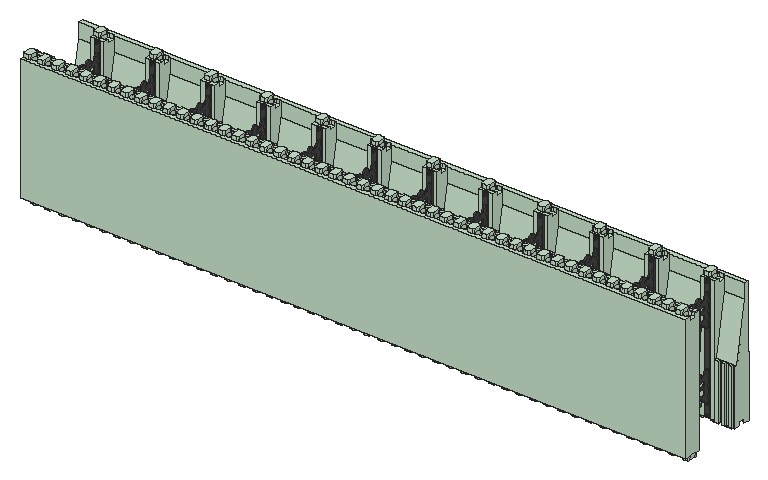
Revit family (continued)
Forms (in)
  Extrusion 106, void
    sketch origin (90, 0, 0) x (-1, 0, 0) y (0, -1, 0)
      loop
        arc (1.91675, 3.76455) -> (1.92106, 3.78736) -> (1.9334, 3.80702) r 0.0625
        arc (1.9334, 3.80702) -> (1.98276, 3.88568) -> (2, 3.97692) r 0.25
        line (2, 3.97692) -> (2, 4.89808)
        arc (2, 4.89808) -> (1.95215, 5.04517) -> (1.82692, 5.13595) r 0.25
        arc (1.82692, 5.13595) -> (1.5, 5.1875) -> (1.17308, 5.13595) r 1.0625
        arc (1.17308, 5.13595) -> (1.04785, 5.04517) -> (1, 4.89808) r 0.25
    from 0 to 0.5
  Extrusion 107, void
    sketch origin (92, 0, 0) x (-1, 0, 0) y (0, -1, 0)
      loop
        line (1, 4.89808) -> (1, 3.97692)
        arc (1, 3.97692) -> (1.04785, 3.82983) -> (1.17308, 3.73905) r 0.25
        arc (1.17308, 3.73905) -> (1.42092, 3.69045) -> (1.67323, 3.70172) r 1.0625
        arc (1.67323, 3.70172) -> (1.72385, 3.68771) -> (1.74592, 3.64005) r 0.0625
        line (1.74592, 3.64005) -> (1.74592, 3.41845) -> (1.91675, 3.41845) -> (1.91675, 3.76455)
        arc (1.91675, 3.76455) -> (1.92106, 3.78736) -> (1.9334, 3.80702) r 0.0625
        arc (1.9334, 3.80702) -> (1.98276, 3.88568) -> (2, 3.97692) r 0.25
        line (2, 3.97692) -> (2, 4.89808)
        arc (2, 4.89808) -> (1.95215, 5.04517) -> (1.82692, 5.13595) r 0.25
        arc (1.82692, 5.13595) -> (1.5, 5.1875) -> (1.17308, 5.13595) r 1.0625
        arc (1.17308, 5.13595) -> (1.04785, 5.04517) -> (1, 4.89808) r 0.25
    from 0 to 0.5
  Extrusion 108, void
    sketch origin (94, 0, 0) x (-1, 0, 0) y (0, -1, 0)
      loop
        line (1, 4.89808) -> (1, 3.97692)
        arc (1, 3.97692) -> (1.04785, 3.82983) -> (1.17308, 3.73905) r 0.25
        arc (1.17308, 3.73905) -> (1.42092, 3.69045) -> (1.67323, 3.70172) r 1.0625
        arc (1.67323, 3.70172) -> (1.72385, 3.68771) -> (1.74592, 3.64005) r 0.0625
        line (1.74592, 3.64005) -> (1.74592, 3.41845) -> (1.91675, 3.41845) -> (1.91675, 3.76455)
        arc (1.91675, 3.76455) -> (1.92106, 3.78736) -> (1.9334, 3.80702) r 0.0625
        arc (1.9334, 3.80702) -> (1.98276, 3.88568) -> (2, 3.97692) r 0.25
        line (2, 3.97692) -> (2, 4.89808)
        arc (2, 4.89808) -> (1.95215, 5.04517) -> (1.82692, 5.13595) r 0.25
        arc (1.82692, 5.13595) -> (1.5, 5.1875) -> (1.17308, 5.13595) r 1.0625
        arc (1.17308, 5.13595) -> (1.04785, 5.04517) -> (1, 4.89808) r 0.25
    from 0 to 0.5
  Extrusion 109, void
    sketch origin (96, 0, 0) x (-1, 0, 0) y (0, -1, 0)
      loop
        line (1, 4.89808) -> (1, 3.97692)
        arc (1, 3.97692) -> (1.04785, 3.82983) -> (1.17308, 3.73905) r 0.25
        arc (1.17308, 3.73905) -> (1.42092, 3.69045) -> (1.67323, 3.70172) r 1.0625
        arc (1.67323, 3.70172) -> (1.72385, 3.68771) -> (1.74592, 3.64005) r 0.0625
        line (1.74592, 3.64005) -> (1.74592, 3.41845) -> (1.91675, 3.41845) -> (1.91675, 3.76455)
        arc (1.91675, 3.76455) -> (1.92106, 3.78736) -> (1.9334, 3.80702) r 0.0625
        arc (1.9334, 3.80702) -> (1.98276, 3.88568) -> (2, 3.97692) r 0.25
        line (2, 3.97692) -> (2, 4.89808)
        arc (2, 4.89808) -> (1.95215, 5.04517) -> (1.82692, 5.13595) r 0.25
        arc (1.82692, 5.13595) -> (1.5, 5.1875) -> (1.17308, 5.13595) r 1.0625
        arc (1.17308, 5.13595) -> (1.04785, 5.04517) -> (1, 4.89808) r 0.25
    from 0 to 0.5
  Extrusion 110, void
    sketch origin (94, 0, 0) x (1, 0, 0) y (0, 1, 0)
      loop
        line (1, 4.89808) -> (1, 3.97692)
        arc (1, 3.97692) -> (1.04785, 3.82983) -> (1.17308, 3.73905) r 0.25
        arc (1.17308, 3.73905) -> (1.42092, 3.69045) -> (1.67323, 3.70172) r 1.0625
        arc (1.67323, 3.70172) -> (1.72385, 3.68771) -> (1.74592, 3.64005) r 0.0625
        line (1.74592, 3.64005) -> (1.74592, 3.41845) -> (1.91675, 3.41845) -> (1.91675, 3.76455)
        arc (1.91675, 3.76455) -> (1.92106, 3.78736) -> (1.9334, 3.80702) r 0.0625
        arc (1.9334, 3.80702) -> (1.98276, 3.88568) -> (2, 3.97692) r 0.25
        line (2, 3.97692) -> (2, 4.89808)
        arc (2, 4.89808) -> (1.95215, 5.04517) -> (1.82692, 5.13595) r 0.25
        arc (1.82692, 5.13595) -> (1.5, 5.1875) -> (1.17308, 5.13595) r 1.0625
        arc (1.17308, 5.13595) -> (1.04785, 5.04517) -> (1, 4.89808) r 0.25
    from 0 to 0.5
  Extrusion 111, void
    sketch origin (92, 0, 0) x (1, 0, 0) y (0, 1, 0)
      loop
        line (1, 4.89808) -> (1, 3.97692)
        arc (1, 3.97692) -> (1.04785, 3.82983) -> (1.17308, 3.73905) r 0.25
        arc (1.17308, 3.73905) -> (1.42092, 3.69045) -> (1.67323, 3.70172) r 1.0625
        arc (1.67323, 3.70172) -> (1.72385, 3.68771) -> (1.74592, 3.64005) r 0.0625
        line (1.74592, 3.64005) -> (1.74592, 3.41845) -> (1.91675, 3.41845) -> (1.91675, 3.76455)
        arc (1.91675, 3.76455) -> (1.92106, 3.78736) -> (1.9334, 3.80702) r 0.0625
        arc (1.9334, 3.80702) -> (1.98276, 3.88568) -> (2, 3.97692) r 0.25
        line (2, 3.97692) -> (2, 4.89808)
        arc (2, 4.89808) -> (1.95215, 5.04517) -> (1.82692, 5.13595) r 0.25
        arc (1.82692, 5.13595) -> (1.5, 5.1875) -> (1.17308, 5.13595) r 1.0625
        arc (1.17308, 5.13595) -> (1.04785, 5.04517) -> (1, 4.89808) r 0.25
    from 0 to 0.5
  Extrusion 112, void
    sketch origin (90, 0, 0) x (1, 0, 0) y (0, 1, 0)
      loop
        line (1, 4.89808) -> (1, 3.97692)
        arc (1, 3.97692) -> (1.04785, 3.82983) -> (1.17308, 3.73905) r 0.25
        arc (1.17308, 3.73905) -> (1.42092, 3.69045) -> (1.67323, 3.70172) r 1.0625
        arc (1.67323, 3.70172) -> (1.72385, 3.68771) -> (1.74592, 3.64005) r 0.0625
        line (1.74592, 3.64005) -> (1.74592, 3.41845) -> (1.91675, 3.41845) -> (1.91675, 3.76455)
        arc (1.91675, 3.76455) -> (1.92106, 3.78736) -> (1.9334, 3.80702) r 0.0625
        arc (1.9334, 3.80702) -> (1.98276, 3.88568) -> (2, 3.97692) r 0.25
        line (2, 3.97692) -> (2, 4.89808)
        arc (2, 4.89808) -> (1.95215, 5.04517) -> (1.82692, 5.13595) r 0.25
        arc (1.82692, 5.13595) -> (1.5, 5.1875) -> (1.17308, 5.13595) r 1.0625
        arc (1.17308, 5.13595) -> (1.04785, 5.04517) -> (1, 4.89808) r 0.25
    from 0 to 0.5
  Extrusion 113, void
    sketch origin (88, 0, 0) x (1, 0, 0) y (0, 1, 0)
      loop
        line (1, 4.89808) -> (1, 3.97692)
        arc (1, 3.97692) -> (1.04785, 3.82983) -> (1.17308, 3.73905) r 0.25
        arc (1.17308, 3.73905) -> (1.42092, 3.69045) -> (1.67323, 3.70172) r 1.0625
        arc (1.67323, 3.70172) -> (1.72385, 3.68771) -> (1.74592, 3.64005) r 0.0625
        line (1.74592, 3.64005) -> (1.74592, 3.41845) -> (1.91675, 3.41845) -> (1.91675, 3.76455)
        arc (1.91675, 3.76455) -> (1.92106, 3.78736) -> (1.9334, 3.80702) r 0.0625
        arc (1.9334, 3.80702) -> (1.98276, 3.88568) -> (2, 3.97692) r 0.25
        line (2, 3.97692) -> (2, 4.89808)
        arc (2, 4.89808) -> (1.95215, 5.04517) -> (1.82692, 5.13595) r 0.25
        arc (1.82692, 5.13595) -> (1.5, 5.1875) -> (1.17308, 5.13595) r 1.0625
        arc (1.17308, 5.13595) -> (1.04785, 5.04517) -> (1, 4.89808) r 0.25
    from 0 to 0.5
  Extrusion 114, void
    sketch origin (86, 0, 0) x (1, 0, 0) y (0, 1, 0)
      loop
        line (1, 4.89808) -> (1, 3.97692)
        arc (1, 3.97692) -> (1.04785, 3.82983) -> (1.17308, 3.73905) r 0.25
        arc (1.17308, 3.73905) -> (1.42092, 3.69045) -> (1.67323, 3.70172) r 1.0625
        arc (1.67323, 3.70172) -> (1.72385, 3.68771) -> (1.74592, 3.64005) r 0.0625
        line (1.74592, 3.64005) -> (1.74592, 3.41845) -> (1.91675, 3.41845) -> (1.91675, 3.76455)
        arc (1.91675, 3.76455) -> (1.92106, 3.78736) -> (1.9334, 3.80702) r 0.0625
        arc (1.9334, 3.80702) -> (1.98276, 3.88568) -> (2, 3.97692) r 0.25
        line (2, 3.97692) -> (2, 4.89808)
        arc (2, 4.89808) -> (1.95215, 5.04517) -> (1.82692, 5.13595) r 0.25
        arc (1.82692, 5.13595) -> (1.5, 5.1875) -> (1.17308, 5.13595) r 1.0625
        arc (1.17308, 5.13595) -> (1.04785, 5.04517) -> (1, 4.89808) r 0.25
    from 0 to 0.5
  Extrusion 115, void
    sketch origin (84, 0, 0) x (1, 0, 0) y (0, 1, 0)
      loop
        line (1, 4.89808) -> (1, 3.97692)
        arc (1, 3.97692) -> (1.04785, 3.82983) -> (1.17308, 3.73905) r 0.25
        arc (1.17308, 3.73905) -> (1.42092, 3.69045) -> (1.67323, 3.70172) r 1.0625
        arc (1.67323, 3.70172) -> (1.72385, 3.68771) -> (1.74592, 3.64005) r 0.0625
        line (1.74592, 3.64005) -> (1.74592, 3.41845) -> (1.91675, 3.41845) -> (1.91675, 3.76455)
        arc (1.91675, 3.76455) -> (1.92106, 3.78736) -> (1.9334, 3.80702) r 0.0625
        arc (1.9334, 3.80702) -> (1.98276, 3.88568) -> (2, 3.97692) r 0.25
        line (2, 3.97692) -> (2, 4.89808)
        arc (2, 4.89808) -> (1.95215, 5.04517) -> (1.82692, 5.13595) r 0.25
        arc (1.82692, 5.13595) -> (1.5, 5.1875) -> (1.17308, 5.13595) r 1.0625
        arc (1.17308, 5.13595) -> (1.04785, 5.04517) -> (1, 4.89808) r 0.25
    from 0 to 0.5
  Extrusion 116, void
    sketch origin (82, 0, 0) x (1, 0, 0) y (0, 1, 0)
      loop
        line (1, 4.89808) -> (1, 3.97692)
        arc (1, 3.97692) -> (1.04785, 3.82983) -> (1.17308, 3.73905) r 0.25
        arc (1.17308, 3.73905) -> (1.42092, 3.69045) -> (1.67323, 3.70172) r 1.0625
        arc (1.67323, 3.70172) -> (1.72385, 3.68771) -> (1.74592, 3.64005) r 0.0625
        line (1.74592, 3.64005) -> (1.74592, 3.41845) -> (1.91675, 3.41845) -> (1.91675, 3.76455)
        arc (1.91675, 3.76455) -> (1.92106, 3.78736) -> (1.9334, 3.80702) r 0.0625
        arc (1.9334, 3.80702) -> (1.98276, 3.88568) -> (2, 3.97692) r 0.25
        line (2, 3.97692) -> (2, 4.89808)
        arc (2, 4.89808) -> (1.95215, 5.04517) -> (1.82692, 5.13595) r 0.25
        arc (1.82692, 5.13595) -> (1.5, 5.1875) -> (1.17308, 5.13595) r 1.0625
        arc (1.17308, 5.13595) -> (1.04785, 5.04517) -> (1, 4.89808) r 0.25
    from 0 to 0.5
  Extrusion 117, void
    sketch origin (80, 0, 0) x (1, 0, 0) y (0, 1, 0)
      loop
        line (1, 4.89808) -> (1, 3.97692)
        arc (1, 3.97692) -> (1.04785, 3.82983) -> (1.17308, 3.73905) r 0.25
        arc (1.17308, 3.73905) -> (1.42092, 3.69045) -> (1.67323, 3.70172) r 1.0625
        arc (1.67323, 3.70172) -> (1.72385, 3.68771) -> (1.74592, 3.64005) r 0.0625
        line (1.74592, 3.64005) -> (1.74592, 3.41845) -> (1.91675, 3.41845) -> (1.91675, 3.76455)
        arc (1.91675, 3.76455) -> (1.92106, 3.78736) -> (1.9334, 3.80702) r 0.0625
        arc (1.9334, 3.80702) -> (1.98276, 3.88568) -> (2, 3.97692) r 0.25
        line (2, 3.97692) -> (2, 4.89808)
        arc (2, 4.89808) -> (1.95215, 5.04517) -> (1.82692, 5.13595) r 0.25
        arc (1.82692, 5.13595) -> (1.5, 5.1875) -> (1.17308, 5.13595) r 1.0625
        arc (1.17308, 5.13595) -> (1.04785, 5.04517) -> (1, 4.89808) r 0.25
    from 0 to 0.5
  Extrusion 118, void
    sketch origin (78, 0, 0) x (1, 0, 0) y (0, 1, 0)
      loop
        line (1, 4.89808) -> (1, 3.97692)
        arc (1, 3.97692) -> (1.04785, 3.82983) -> (1.17308, 3.73905) r 0.25
        arc (1.17308, 3.73905) -> (1.42092, 3.69045) -> (1.67323, 3.70172) r 1.0625
        arc (1.67323, 3.70172) -> (1.72385, 3.68771) -> (1.74592, 3.64005) r 0.0625
        line (1.74592, 3.64005) -> (1.74592, 3.41845) -> (1.91675, 3.41845) -> (1.91675, 3.76455)
        arc (1.91675, 3.76455) -> (1.92106, 3.78736) -> (1.9334, 3.80702) r 0.0625
        arc (1.9334, 3.80702) -> (1.98276, 3.88568) -> (2, 3.97692) r 0.25
        line (2, 3.97692) -> (2, 4.89808)
        arc (2, 4.89808) -> (1.95215, 5.04517) -> (1.82692, 5.13595) r 0.25
        arc (1.82692, 5.13595) -> (1.5, 5.1875) -> (1.17308, 5.13595) r 1.0625
        arc (1.17308, 5.13595) -> (1.04785, 5.04517) -> (1, 4.89808) r 0.25
    from 0 to 0.5
  Extrusion 119, void
    sketch origin (76, 0, 0) x (1, 0, 0) y (0, 1, 0)
      loop
        line (1, 4.89808) -> (1, 3.97692)
        arc (1, 3.97692) -> (1.04785, 3.82983) -> (1.17308, 3.73905) r 0.25
        arc (1.17308, 3.73905) -> (1.42092, 3.69045) -> (1.67323, 3.70172) r 1.0625
        arc (1.67323, 3.70172) -> (1.72385, 3.68771) -> (1.74592, 3.64005) r 0.0625
        line (1.74592, 3.64005) -> (1.74592, 3.41845) -> (1.91675, 3.41845) -> (1.91675, 3.76455)
        arc (1.91675, 3.76455) -> (1.92106, 3.78736) -> (1.9334, 3.80702) r 0.0625
        arc (1.9334, 3.80702) -> (1.98276, 3.88568) -> (2, 3.97692) r 0.25
        line (2, 3.97692) -> (2, 4.89808)
        arc (2, 4.89808) -> (1.95215, 5.04517) -> (1.82692, 5.13595) r 0.25
        arc (1.82692, 5.13595) -> (1.5, 5.1875) -> (1.17308, 5.13595) r 1.0625
        arc (1.17308, 5.13595) -> (1.04785, 5.04517) -> (1, 4.89808) r 0.25
    from 0 to 0.5
  Extrusion 120, void
    sketch origin (74, 0, 0) x (1, 0, 0) y (0, 1, 0)
      loop
        line (1, 4.89808) -> (1, 3.97692)
        arc (1, 3.97692) -> (1.04785, 3.82983) -> (1.17308, 3.73905) r 0.25
        arc (1.17308, 3.73905) -> (1.42092, 3.69045) -> (1.67323, 3.70172) r 1.0625
        arc (1.67323, 3.70172) -> (1.72385, 3.68771) -> (1.74592, 3.64005) r 0.0625
        line (1.74592, 3.64005) -> (1.74592, 3.41845) -> (1.91675, 3.41845) -> (1.91675, 3.76455)
        arc (1.91675, 3.76455) -> (1.92106, 3.78736) -> (1.9334, 3.80702) r 0.0625
        arc (1.9334, 3.80702) -> (1.98276, 3.88568) -> (2, 3.97692) r 0.25
        line (2, 3.97692) -> (2, 4.89808)
        arc (2, 4.89808) -> (1.95215, 5.04517) -> (1.82692, 5.13595) r 0.25
        arc (1.82692, 5.13595) -> (1.5, 5.1875) -> (1.17308, 5.13595) r 1.0625
        arc (1.17308, 5.13595) -> (1.04785, 5.04517) -> (1, 4.89808) r 0.25
    from 0 to 0.5
  Extrusion 121, void
    sketch origin (72, 0, 0) x (1, 0, 0) y (0, 1, 0)
      loop
        line (1, 4.89808) -> (1, 3.97692)
        arc (1, 3.97692) -> (1.04785, 3.82983) -> (1.17308, 3.73905) r 0.25
        arc (1.17308, 3.73905) -> (1.42092, 3.69045) -> (1.67323, 3.70172) r 1.0625
        arc (1.67323, 3.70172) -> (1.72385, 3.68771) -> (1.74592, 3.64005) r 0.0625
        line (1.74592, 3.64005) -> (1.74592, 3.41845) -> (1.91675, 3.41845) -> (1.91675, 3.76455)
        arc (1.91675, 3.76455) -> (1.92106, 3.78736) -> (1.9334, 3.80702) r 0.0625
        arc (1.9334, 3.80702) -> (1.98276, 3.88568) -> (2, 3.97692) r 0.25
        line (2, 3.97692) -> (2, 4.89808)
        arc (2, 4.89808) -> (1.95215, 5.04517) -> (1.82692, 5.13595) r 0.25
        arc (1.82692, 5.13595) -> (1.5, 5.1875) -> (1.17308, 5.13595) r 1.0625
        arc (1.17308, 5.13595) -> (1.04785, 5.04517) -> (1, 4.89808) r 0.25
    from 0 to 0.5
  Extrusion 122, void
    sketch origin (70, 0, 0) x (1, 0, 0) y (0, 1, 0)
      loop
        line (1, 4.89808) -> (1, 3.97692)
        arc (1, 3.97692) -> (1.04785, 3.82983) -> (1.17308, 3.73905) r 0.25
        arc (1.17308, 3.73905) -> (1.42092, 3.69045) -> (1.67323, 3.70172) r 1.0625
        arc (1.67323, 3.70172) -> (1.72385, 3.68771) -> (1.74592, 3.64005) r 0.0625
        line (1.74592, 3.64005) -> (1.74592, 3.41845) -> (1.91675, 3.41845) -> (1.91675, 3.76455)
        arc (1.91675, 3.76455) -> (1.92106, 3.78736) -> (1.9334, 3.80702) r 0.0625
        arc (1.9334, 3.80702) -> (1.98276, 3.88568) -> (2, 3.97692) r 0.25
        line (2, 3.97692) -> (2, 4.89808)
        arc (2, 4.89808) -> (1.95215, 5.04517) -> (1.82692, 5.13595) r 0.25
        arc (1.82692, 5.13595) -> (1.5, 5.1875) -> (1.17308, 5.13595) r 1.0625
        arc (1.17308, 5.13595) -> (1.04785, 5.04517) -> (1, 4.89808) r 0.25
    from 0 to 0.5
  Extrusion 123, void
    sketch origin (68, 0, 0) x (1, 0, 0) y (0, 1, 0)
      loop
        line (1, 4.89808) -> (1, 3.97692)
        arc (1, 3.97692) -> (1.04785, 3.82983) -> (1.17308, 3.73905) r 0.25
        arc (1.17308, 3.73905) -> (1.42092, 3.69045) -> (1.67323, 3.70172) r 1.0625
        arc (1.67323, 3.70172) -> (1.72385, 3.68771) -> (1.74592, 3.64005) r 0.0625
        line (1.74592, 3.64005) -> (1.74592, 3.41845) -> (1.91675, 3.41845) -> (1.91675, 3.76455)
        arc (1.91675, 3.76455) -> (1.92106, 3.78736) -> (1.9334, 3.80702) r 0.0625
        arc (1.9334, 3.80702) -> (1.98276, 3.88568) -> (2, 3.97692) r 0.25
        line (2, 3.97692) -> (2, 4.89808)
        arc (2, 4.89808) -> (1.95215, 5.04517) -> (1.82692, 5.13595) r 0.25
        arc (1.82692, 5.13595) -> (1.5, 5.1875) -> (1.17308, 5.13595) r 1.0625
        arc (1.17308, 5.13595) -> (1.04785, 5.04517) -> (1, 4.89808) r 0.25
    from 0 to 0.5
  Extrusion 124, void
    sketch origin (66, 0, 0) x (1, 0, 0) y (0, 1, 0)
      loop
        line (1, 4.89808) -> (1, 3.97692)
        arc (1, 3.97692) -> (1.04785, 3.82983) -> (1.17308, 3.73905) r 0.25
        arc (1.17308, 3.73905) -> (1.42092, 3.69045) -> (1.67323, 3.70172) r 1.0625
        arc (1.67323, 3.70172) -> (1.72385, 3.68771) -> (1.74592, 3.64005) r 0.0625
        line (1.74592, 3.64005) -> (1.74592, 3.41845) -> (1.91675, 3.41845) -> (1.91675, 3.76455)
        arc (1.91675, 3.76455) -> (1.92106, 3.78736) -> (1.9334, 3.80702) r 0.0625
        arc (1.9334, 3.80702) -> (1.98276, 3.88568) -> (2, 3.97692) r 0.25
        line (2, 3.97692) -> (2, 4.89808)
        arc (2, 4.89808) -> (1.95215, 5.04517) -> (1.82692, 5.13595) r 0.25
        arc (1.82692, 5.13595) -> (1.5, 5.1875) -> (1.17308, 5.13595) r 1.0625
        arc (1.17308, 5.13595) -> (1.04785, 5.04517) -> (1, 4.89808) r 0.25
    from 0 to 0.5
  Extrusion 125, void
    sketch origin (64, 0, 0) x (1, 0, 0) y (0, 1, 0)
      loop
        line (1, 4.89808) -> (1, 3.97692)
        arc (1, 3.97692) -> (1.04785, 3.82983) -> (1.17308, 3.73905) r 0.25
        arc (1.17308, 3.73905) -> (1.42092, 3.69045) -> (1.67323, 3.70172) r 1.0625
        arc (1.67323, 3.70172) -> (1.72385, 3.68771) -> (1.74592, 3.64005) r 0.0625
        line (1.74592, 3.64005) -> (1.74592, 3.41845) -> (1.91675, 3.41845) -> (1.91675, 3.76455)
        arc (1.91675, 3.76455) -> (1.92106, 3.78736) -> (1.9334, 3.80702) r 0.0625
        arc (1.9334, 3.80702) -> (1.98276, 3.88568) -> (2, 3.97692) r 0.25
        line (2, 3.97692) -> (2, 4.89808)
        arc (2, 4.89808) -> (1.95215, 5.04517) -> (1.82692, 5.13595) r 0.25
        arc (1.82692, 5.13595) -> (1.5, 5.1875) -> (1.17308, 5.13595) r 1.0625
        arc (1.17308, 5.13595) -> (1.04785, 5.04517) -> (1, 4.89808) r 0.25
    from 0 to 0.5
  Extrusion 126, void
    sketch origin (62, 0, 0) x (1, 0, 0) y (0, 1, 0)
      loop
        line (1, 4.89808) -> (1, 3.97692)
        arc (1, 3.97692) -> (1.04785, 3.82983) -> (1.17308, 3.73905) r 0.25
        arc (1.17308, 3.73905) -> (1.42092, 3.69045) -> (1.67323, 3.70172) r 1.0625
        arc (1.67323, 3.70172) -> (1.72385, 3.68771) -> (1.74592, 3.64005) r 0.0625
        line (1.74592, 3.64005) -> (1.74592, 3.41845) -> (1.91675, 3.41845) -> (1.91675, 3.76455)
        arc (1.91675, 3.76455) -> (1.92106, 3.78736) -> (1.9334, 3.80702) r 0.0625
        arc (1.9334, 3.80702) -> (1.98276, 3.88568) -> (2, 3.97692) r 0.25
        line (2, 3.97692) -> (2, 4.89808)
        arc (2, 4.89808) -> (1.95215, 5.04517) -> (1.82692, 5.13595) r 0.25
        arc (1.82692, 5.13595) -> (1.5, 5.1875) -> (1.17308, 5.13595) r 1.0625
        arc (1.17308, 5.13595) -> (1.04785, 5.04517) -> (1, 4.89808) r 0.25
    from 0 to 0.5
  Extrusion 127, void
    sketch origin (60, 0, 0) x (1, 0, 0) y (0, 1, 0)
      loop
        line (1, 4.89808) -> (1, 3.97692)
        arc (1, 3.97692) -> (1.04785, 3.82983) -> (1.17308, 3.73905) r 0.25
        arc (1.17308, 3.73905) -> (1.42092, 3.69045) -> (1.67323, 3.70172) r 1.0625
        arc (1.67323, 3.70172) -> (1.72385, 3.68771) -> (1.74592, 3.64005) r 0.0625
        line (1.74592, 3.64005) -> (1.74592, 3.41845) -> (1.91675, 3.41845) -> (1.91675, 3.76455)
        arc (1.91675, 3.76455) -> (1.92106, 3.78736) -> (1.9334, 3.80702) r 0.0625
        arc (1.9334, 3.80702) -> (1.98276, 3.88568) -> (2, 3.97692) r 0.25
        line (2, 3.97692) -> (2, 4.89808)
        arc (2, 4.89808) -> (1.95215, 5.04517) -> (1.82692, 5.13595) r 0.25
        arc (1.82692, 5.13595) -> (1.5, 5.1875) -> (1.17308, 5.13595) r 1.0625
        arc (1.17308, 5.13595) -> (1.04785, 5.04517) -> (1, 4.89808) r 0.25
    from 0 to 0.5
  Extrusion 128, void
    sketch origin (58, 0, 0) x (1, 0, 0) y (0, 1, 0)
      loop
        line (1, 4.89808) -> (1, 3.97692)
        arc (1, 3.97692) -> (1.04785, 3.82983) -> (1.17308, 3.73905) r 0.25
        arc (1.17308, 3.73905) -> (1.42092, 3.69045) -> (1.67323, 3.70172) r 1.0625
        arc (1.67323, 3.70172) -> (1.72385, 3.68771) -> (1.74592, 3.64005) r 0.0625
        line (1.74592, 3.64005) -> (1.74592, 3.41845) -> (1.91675, 3.41845) -> (1.91675, 3.76455)
        arc (1.91675, 3.76455) -> (1.92106, 3.78736) -> (1.9334, 3.80702) r 0.0625
        arc (1.9334, 3.80702) -> (1.98276, 3.88568) -> (2, 3.97692) r 0.25
        line (2, 3.97692) -> (2, 4.89808)
        arc (2, 4.89808) -> (1.95215, 5.04517) -> (1.82692, 5.13595) r 0.25
        arc (1.82692, 5.13595) -> (1.5, 5.1875) -> (1.17308, 5.13595) r 1.0625
        arc (1.17308, 5.13595) -> (1.04785, 5.04517) -> (1, 4.89808) r 0.25
    from 0 to 0.5
  Extrusion 129, void
    sketch origin (56, 0, 0) x (1, 0, 0) y (0, 1, 0)
      loop
        line (1, 4.89808) -> (1, 3.97692)
        arc (1, 3.97692) -> (1.04785, 3.82983) -> (1.17308, 3.73905) r 0.25
        arc (1.17308, 3.73905) -> (1.42092, 3.69045) -> (1.67323, 3.70172) r 1.0625
        arc (1.67323, 3.70172) -> (1.72385, 3.68771) -> (1.74592, 3.64005) r 0.0625
        line (1.74592, 3.64005) -> (1.74592, 3.41845) -> (1.91675, 3.41845) -> (1.91675, 3.76455)
        arc (1.91675, 3.76455) -> (1.92106, 3.78736) -> (1.9334, 3.80702) r 0.0625
        arc (1.9334, 3.80702) -> (1.98276, 3.88568) -> (2, 3.97692) r 0.25
        line (2, 3.97692) -> (2, 4.89808)
        arc (2, 4.89808) -> (1.95215, 5.04517) -> (1.82692, 5.13595) r 0.25
        arc (1.82692, 5.13595) -> (1.5, 5.1875) -> (1.17308, 5.13595) r 1.0625
        arc (1.17308, 5.13595) -> (1.04785, 5.04517) -> (1, 4.89808) r 0.25
    from 0 to 0.5
  Extrusion 130, void
    sketch origin (54, 0, 0) x (1, 0, 0) y (0, 1, 0)
      loop
        line (1, 4.89808) -> (1, 3.97692)
        arc (1, 3.97692) -> (1.04785, 3.82983) -> (1.17308, 3.73905) r 0.25
        arc (1.17308, 3.73905) -> (1.42092, 3.69045) -> (1.67323, 3.70172) r 1.0625
        arc (1.67323, 3.70172) -> (1.72385, 3.68771) -> (1.74592, 3.64005) r 0.0625
        line (1.74592, 3.64005) -> (1.74592, 3.41845) -> (1.91675, 3.41845) -> (1.91675, 3.76455)
        arc (1.91675, 3.76455) -> (1.92106, 3.78736) -> (1.9334, 3.80702) r 0.0625
        arc (1.9334, 3.80702) -> (1.98276, 3.88568) -> (2, 3.97692) r 0.25
        line (2, 3.97692) -> (2, 4.89808)
        arc (2, 4.89808) -> (1.95215, 5.04517) -> (1.82692, 5.13595) r 0.25
        arc (1.82692, 5.13595) -> (1.5, 5.1875) -> (1.17308, 5.13595) r 1.0625
        arc (1.17308, 5.13595) -> (1.04785, 5.04517) -> (1, 4.89808) r 0.25
    from 0 to 0.5
  Extrusion 131, void
    sketch origin (52, 0, 0) x (1, 0, 0) y (0, 1, 0)
      loop
        line (1, 4.89808) -> (1, 3.97692)
        arc (1, 3.97692) -> (1.04785, 3.82983) -> (1.17308, 3.73905) r 0.25
        arc (1.17308, 3.73905) -> (1.42092, 3.69045) -> (1.67323, 3.70172) r 1.0625
        arc (1.67323, 3.70172) -> (1.72385, 3.68771) -> (1.74592, 3.64005) r 0.0625
        line (1.74592, 3.64005) -> (1.74592, 3.41845) -> (1.91675, 3.41845) -> (1.91675, 3.76455)
        arc (1.91675, 3.76455) -> (1.92106, 3.78736) -> (1.9334, 3.80702) r 0.0625
        arc (1.9334, 3.80702) -> (1.98276, 3.88568) -> (2, 3.97692) r 0.25
        line (2, 3.97692) -> (2, 4.89808)
        arc (2, 4.89808) -> (1.95215, 5.04517) -> (1.82692, 5.13595) r 0.25
        arc (1.82692, 5.13595) -> (1.5, 5.1875) -> (1.17308, 5.13595) r 1.0625
        arc (1.17308, 5.13595) -> (1.04785, 5.04517) -> (1, 4.89808) r 0.25
    from 0 to 0.5
  Extrusion 132, void
    sketch origin (50, 0, 0) x (1, 0, 0) y (0, 1, 0)
      loop
        line (1, 4.89808) -> (1, 3.97692)
        arc (1, 3.97692) -> (1.04785, 3.82983) -> (1.17308, 3.73905) r 0.25
        arc (1.17308, 3.73905) -> (1.42092, 3.69045) -> (1.67323, 3.70172) r 1.0625
        arc (1.67323, 3.70172) -> (1.72385, 3.68771) -> (1.74592, 3.64005) r 0.0625
        line (1.74592, 3.64005) -> (1.74592, 3.41845) -> (1.91675, 3.41845) -> (1.91675, 3.76455)
        arc (1.91675, 3.76455) -> (1.92106, 3.78736) -> (1.9334, 3.80702) r 0.0625
        arc (1.9334, 3.80702) -> (1.98276, 3.88568) -> (2, 3.97692) r 0.25
        line (2, 3.97692) -> (2, 4.89808)
        arc (2, 4.89808) -> (1.95215, 5.04517) -> (1.82692, 5.13595) r 0.25
        arc (1.82692, 5.13595) -> (1.5, 5.1875) -> (1.17308, 5.13595) r 1.0625
        arc (1.17308, 5.13595) -> (1.04785, 5.04517) -> (1, 4.89808) r 0.25
    from 0 to 0.5
  Extrusion 133, void
    sketch origin (48, 0, 0) x (1, 0, 0) y (0, 1, 0)
      loop
        line (1, 4.89808) -> (1, 3.97692)
        arc (1, 3.97692) -> (1.04785, 3.82983) -> (1.17308, 3.73905) r 0.25
        arc (1.17308, 3.73905) -> (1.42092, 3.69045) -> (1.67323, 3.70172) r 1.0625
        arc (1.67323, 3.70172) -> (1.72385, 3.68771) -> (1.74592, 3.64005) r 0.0625
        line (1.74592, 3.64005) -> (1.74592, 3.41845) -> (1.91675, 3.41845) -> (1.91675, 3.76455)
        arc (1.91675, 3.76455) -> (1.92106, 3.78736) -> (1.9334, 3.80702) r 0.0625
        arc (1.9334, 3.80702) -> (1.98276, 3.88568) -> (2, 3.97692) r 0.25
        line (2, 3.97692) -> (2, 4.89808)
        arc (2, 4.89808) -> (1.95215, 5.04517) -> (1.82692, 5.13595) r 0.25
        arc (1.82692, 5.13595) -> (1.5, 5.1875) -> (1.17308, 5.13595) r 1.0625
        arc (1.17308, 5.13595) -> (1.04785, 5.04517) -> (1, 4.89808) r 0.25
    from 0 to 0.5
  Extrusion 134, void
    sketch origin (46, 0, 0) x (1, 0, 0) y (0, 1, 0)
      loop
        line (1, 4.89808) -> (1, 3.97692)
        arc (1, 3.97692) -> (1.04785, 3.82983) -> (1.17308, 3.73905) r 0.25
        arc (1.17308, 3.73905) -> (1.42092, 3.69045) -> (1.67323, 3.70172) r 1.0625
        arc (1.67323, 3.70172) -> (1.72385, 3.68771) -> (1.74592, 3.64005) r 0.0625
        line (1.74592, 3.64005) -> (1.74592, 3.41845) -> (1.91675, 3.41845) -> (1.91675, 3.76455)
        arc (1.91675, 3.76455) -> (1.92106, 3.78736) -> (1.9334, 3.80702) r 0.0625
        arc (1.9334, 3.80702) -> (1.98276, 3.88568) -> (2, 3.97692) r 0.25
        line (2, 3.97692) -> (2, 4.89808)
        arc (2, 4.89808) -> (1.95215, 5.04517) -> (1.82692, 5.13595) r 0.25
        arc (1.82692, 5.13595) -> (1.5, 5.1875) -> (1.17308, 5.13595) r 1.0625
        arc (1.17308, 5.13595) -> (1.04785, 5.04517) -> (1, 4.89808) r 0.25
    from 0 to 0.5
  Extrusion 135, void
    sketch origin (44, 0, 0) x (1, 0, 0) y (0, 1, 0)
      loop
        line (1, 4.89808) -> (1, 3.97692)
        arc (1, 3.97692) -> (1.04785, 3.82983) -> (1.17308, 3.73905) r 0.25
        arc (1.17308, 3.73905) -> (1.42092, 3.69045) -> (1.67323, 3.70172) r 1.0625
        arc (1.67323, 3.70172) -> (1.72385, 3.68771) -> (1.74592, 3.64005) r 0.0625
        line (1.74592, 3.64005) -> (1.74592, 3.41845) -> (1.91675, 3.41845) -> (1.91675, 3.76455)
        arc (1.91675, 3.76455) -> (1.92106, 3.78736) -> (1.9334, 3.80702) r 0.0625
        arc (1.9334, 3.80702) -> (1.98276, 3.88568) -> (2, 3.97692) r 0.25
        line (2, 3.97692) -> (2, 4.89808)
        arc (2, 4.89808) -> (1.95215, 5.04517) -> (1.82692, 5.13595) r 0.25
        arc (1.82692, 5.13595) -> (1.5, 5.1875) -> (1.17308, 5.13595) r 1.0625
        arc (1.17308, 5.13595) -> (1.04785, 5.04517) -> (1, 4.89808) r 0.25
    from 0 to 0.5
  Extrusion 136, void
    sketch origin (42, 0, 0) x (1, 0, 0) y (0, 1, 0)
      loop
        line (1, 4.89808) -> (1, 3.97692)
        arc (1, 3.97692) -> (1.04785, 3.82983) -> (1.17308, 3.73905) r 0.25
        arc (1.17308, 3.73905) -> (1.42092, 3.69045) -> (1.67323, 3.70172) r 1.0625
        arc (1.67323, 3.70172) -> (1.72385, 3.68771) -> (1.74592, 3.64005) r 0.0625
        line (1.74592, 3.64005) -> (1.74592, 3.41845) -> (1.91675, 3.41845) -> (1.91675, 3.76455)
        arc (1.91675, 3.76455) -> (1.92106, 3.78736) -> (1.9334, 3.80702) r 0.0625
        arc (1.9334, 3.80702) -> (1.98276, 3.88568) -> (2, 3.97692) r 0.25
        line (2, 3.97692) -> (2, 4.89808)
        arc (2, 4.89808) -> (1.95215, 5.04517) -> (1.82692, 5.13595) r 0.25
        arc (1.82692, 5.13595) -> (1.5, 5.1875) -> (1.17308, 5.13595) r 1.0625
        arc (1.17308, 5.13595) -> (1.04785, 5.04517) -> (1, 4.89808) r 0.25
    from 0 to 0.5
  Extrusion 137, void
    sketch origin (40, 0, 0) x (1, 0, 0) y (0, 1, 0)
      loop
        line (1, 4.89808) -> (1, 3.97692)
        arc (1, 3.97692) -> (1.04785, 3.82983) -> (1.17308, 3.73905) r 0.25
        arc (1.17308, 3.73905) -> (1.42092, 3.69045) -> (1.67323, 3.70172) r 1.0625
        arc (1.67323, 3.70172) -> (1.72385, 3.68771) -> (1.74592, 3.64005) r 0.0625
        line (1.74592, 3.64005) -> (1.74592, 3.41845) -> (1.91675, 3.41845) -> (1.91675, 3.76455)
        arc (1.91675, 3.76455) -> (1.92106, 3.78736) -> (1.9334, 3.80702) r 0.0625
        arc (1.9334, 3.80702) -> (1.98276, 3.88568) -> (2, 3.97692) r 0.25
        line (2, 3.97692) -> (2, 4.89808)
        arc (2, 4.89808) -> (1.95215, 5.04517) -> (1.82692, 5.13595) r 0.25
        arc (1.82692, 5.13595) -> (1.5, 5.1875) -> (1.17308, 5.13595) r 1.0625
        arc (1.17308, 5.13595) -> (1.04785, 5.04517) -> (1, 4.89808) r 0.25
    from 0 to 0.5
  Extrusion 138, void
    sketch origin (38, 0, 0) x (1, 0, 0) y (0, 1, 0)
      loop
        line (1, 4.89808) -> (1, 3.97692)
        arc (1, 3.97692) -> (1.04785, 3.82983) -> (1.17308, 3.73905) r 0.25
        arc (1.17308, 3.73905) -> (1.42092, 3.69045) -> (1.67323, 3.70172) r 1.0625
        arc (1.67323, 3.70172) -> (1.72385, 3.68771) -> (1.74592, 3.64005) r 0.0625
        line (1.74592, 3.64005) -> (1.74592, 3.41845) -> (1.91675, 3.41845) -> (1.91675, 3.76455)
        arc (1.91675, 3.76455) -> (1.92106, 3.78736) -> (1.9334, 3.80702) r 0.0625
        arc (1.9334, 3.80702) -> (1.98276, 3.88568) -> (2, 3.97692) r 0.25
        line (2, 3.97692) -> (2, 4.89808)
        arc (2, 4.89808) -> (1.95215, 5.04517) -> (1.82692, 5.13595) r 0.25
        arc (1.82692, 5.13595) -> (1.5, 5.1875) -> (1.17308, 5.13595) r 1.0625
        arc (1.17308, 5.13595) -> (1.04785, 5.04517) -> (1, 4.89808) r 0.25
    from 0 to 0.5
  Extrusion 139, void
    sketch origin (36, 0, 0) x (1, 0, 0) y (0, 1, 0)
      loop
        line (1, 4.89808) -> (1, 3.97692)
        arc (1, 3.97692) -> (1.04785, 3.82983) -> (1.17308, 3.73905) r 0.25
        arc (1.17308, 3.73905) -> (1.42092, 3.69045) -> (1.67323, 3.70172) r 1.0625
        arc (1.67323, 3.70172) -> (1.72385, 3.68771) -> (1.74592, 3.64005) r 0.0625
        line (1.74592, 3.64005) -> (1.74592, 3.41845) -> (1.91675, 3.41845) -> (1.91675, 3.76455)
        arc (1.91675, 3.76455) -> (1.92106, 3.78736) -> (1.9334, 3.80702) r 0.0625
        arc (1.9334, 3.80702) -> (1.98276, 3.88568) -> (2, 3.97692) r 0.25
        line (2, 3.97692) -> (2, 4.89808)
        arc (2, 4.89808) -> (1.95215, 5.04517) -> (1.82692, 5.13595) r 0.25
        arc (1.82692, 5.13595) -> (1.5, 5.1875) -> (1.17308, 5.13595) r 1.0625
        arc (1.17308, 5.13595) -> (1.04785, 5.04517) -> (1, 4.89808) r 0.25
    from 0 to 0.5
  Extrusion 140, void
    sketch origin (34, 0, 0) x (1, 0, 0) y (0, 1, 0)
      loop
        line (1, 4.89808) -> (1, 3.97692)
        arc (1, 3.97692) -> (1.04785, 3.82983) -> (1.17308, 3.73905) r 0.25
        arc (1.17308, 3.73905) -> (1.42092, 3.69045) -> (1.67323, 3.70172) r 1.0625
        arc (1.67323, 3.70172) -> (1.72385, 3.68771) -> (1.74592, 3.64005) r 0.0625
        line (1.74592, 3.64005) -> (1.74592, 3.41845) -> (1.91675, 3.41845) -> (1.91675, 3.76455)
        arc (1.91675, 3.76455) -> (1.92106, 3.78736) -> (1.9334, 3.80702) r 0.0625
        arc (1.9334, 3.80702) -> (1.98276, 3.88568) -> (2, 3.97692) r 0.25
        line (2, 3.97692) -> (2, 4.89808)
        arc (2, 4.89808) -> (1.95215, 5.04517) -> (1.82692, 5.13595) r 0.25
        arc (1.82692, 5.13595) -> (1.5, 5.1875) -> (1.17308, 5.13595) r 1.0625
        arc (1.17308, 5.13595) -> (1.04785, 5.04517) -> (1, 4.89808) r 0.25
    from 0 to 0.5
  Extrusion 141, void
    sketch origin (32, 0, 0) x (1, 0, 0) y (0, 1, 0)
      loop
        line (1, 4.89808) -> (1, 3.97692)
        arc (1, 3.97692) -> (1.04785, 3.82983) -> (1.17308, 3.73905) r 0.25
        arc (1.17308, 3.73905) -> (1.42092, 3.69045) -> (1.67323, 3.70172) r 1.0625
        arc (1.67323, 3.70172) -> (1.72385, 3.68771) -> (1.74592, 3.64005) r 0.0625
        line (1.74592, 3.64005) -> (1.74592, 3.41845) -> (1.91675, 3.41845) -> (1.91675, 3.76455)
        arc (1.91675, 3.76455) -> (1.92106, 3.78736) -> (1.9334, 3.80702) r 0.0625
        arc (1.9334, 3.80702) -> (1.98276, 3.88568) -> (2, 3.97692) r 0.25
        line (2, 3.97692) -> (2, 4.89808)
        arc (2, 4.89808) -> (1.95215, 5.04517) -> (1.82692, 5.13595) r 0.25
        arc (1.82692, 5.13595) -> (1.5, 5.1875) -> (1.17308, 5.13595) r 1.0625
        arc (1.17308, 5.13595) -> (1.04785, 5.04517) -> (1, 4.89808) r 0.25
    from 0 to 0.5
  Extrusion 142, void
    sketch origin (30, 0, 0) x (1, 0, 0) y (0, 1, 0)
      loop
        line (1, 4.89808) -> (1, 3.97692)
        arc (1, 3.97692) -> (1.04785, 3.82983) -> (1.17308, 3.73905) r 0.25
        arc (1.17308, 3.73905) -> (1.42092, 3.69045) -> (1.67323, 3.70172) r 1.0625
        arc (1.67323, 3.70172) -> (1.72385, 3.68771) -> (1.74592, 3.64005) r 0.0625
        line (1.74592, 3.64005) -> (1.74592, 3.41845) -> (1.91675, 3.41845) -> (1.91675, 3.76455)
        arc (1.91675, 3.76455) -> (1.92106, 3.78736) -> (1.9334, 3.80702) r 0.0625
        arc (1.9334, 3.80702) -> (1.98276, 3.88568) -> (2, 3.97692) r 0.25
        line (2, 3.97692) -> (2, 4.89808)
        arc (2, 4.89808) -> (1.95215, 5.04517) -> (1.82692, 5.13595) r 0.25
        arc (1.82692, 5.13595) -> (1.5, 5.1875) -> (1.17308, 5.13595) r 1.0625
        arc (1.17308, 5.13595) -> (1.04785, 5.04517) -> (1, 4.89808) r 0.25
    from 0 to 0.5
  Extrusion 143, void
    sketch origin (28, 0, 0) x (1, 0, 0) y (0, 1, 0)
      loop
        line (1, 4.89808) -> (1, 3.97692)
        arc (1, 3.97692) -> (1.04785, 3.82983) -> (1.17308, 3.73905) r 0.25
        arc (1.17308, 3.73905) -> (1.42092, 3.69045) -> (1.67323, 3.70172) r 1.0625
        arc (1.67323, 3.70172) -> (1.72385, 3.68771) -> (1.74592, 3.64005) r 0.0625
        line (1.74592, 3.64005) -> (1.74592, 3.41845) -> (1.91675, 3.41845) -> (1.91675, 3.76455)
        arc (1.91675, 3.76455) -> (1.92106, 3.78736) -> (1.9334, 3.80702) r 0.0625
        arc (1.9334, 3.80702) -> (1.98276, 3.88568) -> (2, 3.97692) r 0.25
        line (2, 3.97692) -> (2, 4.89808)
        arc (2, 4.89808) -> (1.95215, 5.04517) -> (1.82692, 5.13595) r 0.25
        arc (1.82692, 5.13595) -> (1.5, 5.1875) -> (1.17308, 5.13595) r 1.0625
        arc (1.17308, 5.13595) -> (1.04785, 5.04517) -> (1, 4.89808) r 0.25
    from 0 to 0.5
  Extrusion 144, void
    sketch origin (26, 0, 0) x (1, 0, 0) y (0, 1, 0)
      loop
        line (1, 4.89808) -> (1, 3.97692)
        arc (1, 3.97692) -> (1.04785, 3.82983) -> (1.17308, 3.73905) r 0.25
        arc (1.17308, 3.73905) -> (1.42092, 3.69045) -> (1.67323, 3.70172) r 1.0625
        arc (1.67323, 3.70172) -> (1.72385, 3.68771) -> (1.74592, 3.64005) r 0.0625
        line (1.74592, 3.64005) -> (1.74592, 3.41845) -> (1.91675, 3.41845) -> (1.91675, 3.76455)
        arc (1.91675, 3.76455) -> (1.92106, 3.78736) -> (1.9334, 3.80702) r 0.0625
        arc (1.9334, 3.80702) -> (1.98276, 3.88568) -> (2, 3.97692) r 0.25
        line (2, 3.97692) -> (2, 4.89808)
        arc (2, 4.89808) -> (1.95215, 5.04517) -> (1.82692, 5.13595) r 0.25
        arc (1.82692, 5.13595) -> (1.5, 5.1875) -> (1.17308, 5.13595) r 1.0625
        arc (1.17308, 5.13595) -> (1.04785, 5.04517) -> (1, 4.89808) r 0.25
    from 0 to 0.5
  Extrusion 145, void
    sketch origin (24, 0, 0) x (1, 0, 0) y (0, 1, 0)
      loop
        line (1, 4.89808) -> (1, 3.97692)
        arc (1, 3.97692) -> (1.04785, 3.82983) -> (1.17308, 3.73905) r 0.25
        arc (1.17308, 3.73905) -> (1.42092, 3.69045) -> (1.67323, 3.70172) r 1.0625
        arc (1.67323, 3.70172) -> (1.72385, 3.68771) -> (1.74592, 3.64005) r 0.0625
        line (1.74592, 3.64005) -> (1.74592, 3.41845) -> (1.91675, 3.41845) -> (1.91675, 3.76455)
        arc (1.91675, 3.76455) -> (1.92106, 3.78736) -> (1.9334, 3.80702) r 0.0625
        arc (1.9334, 3.80702) -> (1.98276, 3.88568) -> (2, 3.97692) r 0.25
        line (2, 3.97692) -> (2, 4.89808)
        arc (2, 4.89808) -> (1.95215, 5.04517) -> (1.82692, 5.13595) r 0.25
        arc (1.82692, 5.13595) -> (1.5, 5.1875) -> (1.17308, 5.13595) r 1.0625
        arc (1.17308, 5.13595) -> (1.04785, 5.04517) -> (1, 4.89808) r 0.25
    from 0 to 0.5
  Extrusion 146, void
    sketch origin (22, 0, 0) x (1, 0, 0) y (0, 1, 0)
      loop
        line (1, 4.89808) -> (1, 3.97692)
        arc (1, 3.97692) -> (1.04785, 3.82983) -> (1.17308, 3.73905) r 0.25
        arc (1.17308, 3.73905) -> (1.42092, 3.69045) -> (1.67323, 3.70172) r 1.0625
        arc (1.67323, 3.70172) -> (1.72385, 3.68771) -> (1.74592, 3.64005) r 0.0625
        line (1.74592, 3.64005) -> (1.74592, 3.41845) -> (1.91675, 3.41845) -> (1.91675, 3.76455)
        arc (1.91675, 3.76455) -> (1.92106, 3.78736) -> (1.9334, 3.80702) r 0.0625
        arc (1.9334, 3.80702) -> (1.98276, 3.88568) -> (2, 3.97692) r 0.25
        line (2, 3.97692) -> (2, 4.89808)
        arc (2, 4.89808) -> (1.95215, 5.04517) -> (1.82692, 5.13595) r 0.25
        arc (1.82692, 5.13595) -> (1.5, 5.1875) -> (1.17308, 5.13595) r 1.0625
        arc (1.17308, 5.13595) -> (1.04785, 5.04517) -> (1, 4.89808) r 0.25
    from 0 to 0.5
  Extrusion 147, void
    sketch origin (20, 0, 0) x (1, 0, 0) y (0, 1, 0)
      loop
        line (1, 4.89808) -> (1, 3.97692)
        arc (1, 3.97692) -> (1.04785, 3.82983) -> (1.17308, 3.73905) r 0.25
        arc (1.17308, 3.73905) -> (1.42092, 3.69045) -> (1.67323, 3.70172) r 1.0625
        arc (1.67323, 3.70172) -> (1.72385, 3.68771) -> (1.74592, 3.64005) r 0.0625
        line (1.74592, 3.64005) -> (1.74592, 3.41845) -> (1.91675, 3.41845) -> (1.91675, 3.76455)
        arc (1.91675, 3.76455) -> (1.92106, 3.78736) -> (1.9334, 3.80702) r 0.0625
        arc (1.9334, 3.80702) -> (1.98276, 3.88568) -> (2, 3.97692) r 0.25
        line (2, 3.97692) -> (2, 4.89808)
        arc (2, 4.89808) -> (1.95215, 5.04517) -> (1.82692, 5.13595) r 0.25
        arc (1.82692, 5.13595) -> (1.5, 5.1875) -> (1.17308, 5.13595) r 1.0625
        arc (1.17308, 5.13595) -> (1.04785, 5.04517) -> (1, 4.89808) r 0.25
    from 0 to 0.5
  Extrusion 148, void
    sketch origin (18, 0, 0) x (1, 0, 0) y (0, 1, 0)
      loop
        line (1, 4.89808) -> (1, 3.97692)
        arc (1, 3.97692) -> (1.04785, 3.82983) -> (1.17308, 3.73905) r 0.25
        arc (1.17308, 3.73905) -> (1.42092, 3.69045) -> (1.67323, 3.70172) r 1.0625
        arc (1.67323, 3.70172) -> (1.72385, 3.68771) -> (1.74592, 3.64005) r 0.0625
        line (1.74592, 3.64005) -> (1.74592, 3.41845) -> (1.91675, 3.41845) -> (1.91675, 3.76455)
        arc (1.91675, 3.76455) -> (1.92106, 3.78736) -> (1.9334, 3.80702) r 0.0625
        arc (1.9334, 3.80702) -> (1.98276, 3.88568) -> (2, 3.97692) r 0.25
        line (2, 3.97692) -> (2, 4.89808)
        arc (2, 4.89808) -> (1.95215, 5.04517) -> (1.82692, 5.13595) r 0.25
        arc (1.82692, 5.13595) -> (1.5, 5.1875) -> (1.17308, 5.13595) r 1.0625
        arc (1.17308, 5.13595) -> (1.04785, 5.04517) -> (1, 4.89808) r 0.25
    from 0 to 0.5
  Extrusion 149, void
    sketch origin (16, 0, 0) x (1, 0, 0) y (0, 1, 0)
      loop
        line (1, 4.89808) -> (1, 3.97692)
        arc (1, 3.97692) -> (1.04785, 3.82983) -> (1.17308, 3.73905) r 0.25
        arc (1.17308, 3.73905) -> (1.42092, 3.69045) -> (1.67323, 3.70172) r 1.0625
        arc (1.67323, 3.70172) -> (1.72385, 3.68771) -> (1.74592, 3.64005) r 0.0625
        line (1.74592, 3.64005) -> (1.74592, 3.41845) -> (1.91675, 3.41845) -> (1.91675, 3.76455)
        arc (1.91675, 3.76455) -> (1.92106, 3.78736) -> (1.9334, 3.80702) r 0.0625
        arc (1.9334, 3.80702) -> (1.98276, 3.88568) -> (2, 3.97692) r 0.25
        line (2, 3.97692) -> (2, 4.89808)
        arc (2, 4.89808) -> (1.95215, 5.04517) -> (1.82692, 5.13595) r 0.25
        arc (1.82692, 5.13595) -> (1.5, 5.1875) -> (1.17308, 5.13595) r 1.0625
        arc (1.17308, 5.13595) -> (1.04785, 5.04517) -> (1, 4.89808) r 0.25
    from 0 to 0.5
  Extrusion 150, void
    sketch origin (14, 0, 0) x (1, 0, 0) y (0, 1, 0)
      loop
        line (1, 4.89808) -> (1, 3.97692)
        arc (1, 3.97692) -> (1.04785, 3.82983) -> (1.17308, 3.73905) r 0.25
        arc (1.17308, 3.73905) -> (1.42092, 3.69045) -> (1.67323, 3.70172) r 1.0625
        arc (1.67323, 3.70172) -> (1.72385, 3.68771) -> (1.74592, 3.64005) r 0.0625
        line (1.74592, 3.64005) -> (1.74592, 3.41845) -> (1.91675, 3.41845) -> (1.91675, 3.76455)
        arc (1.91675, 3.76455) -> (1.92106, 3.78736) -> (1.9334, 3.80702) r 0.0625
        arc (1.9334, 3.80702) -> (1.98276, 3.88568) -> (2, 3.97692) r 0.25
        line (2, 3.97692) -> (2, 4.89808)
        arc (2, 4.89808) -> (1.95215, 5.04517) -> (1.82692, 5.13595) r 0.25
        arc (1.82692, 5.13595) -> (1.5, 5.1875) -> (1.17308, 5.13595) r 1.0625
        arc (1.17308, 5.13595) -> (1.04785, 5.04517) -> (1, 4.89808) r 0.25
    from 0 to 0.5
  Extrusion 151, void
    sketch origin (12, 0, 0) x (1, 0, 0) y (0, 1, 0)
      loop
        line (1, 4.89808) -> (1, 3.97692)
        arc (1, 3.97692) -> (1.04785, 3.82983) -> (1.17308, 3.73905) r 0.25
        arc (1.17308, 3.73905) -> (1.42092, 3.69045) -> (1.67323, 3.70172) r 1.0625
        arc (1.67323, 3.70172) -> (1.72385, 3.68771) -> (1.74592, 3.64005) r 0.0625
        line (1.74592, 3.64005) -> (1.74592, 3.41845) -> (1.91675, 3.41845) -> (1.91675, 3.76455)
        arc (1.91675, 3.76455) -> (1.92106, 3.78736) -> (1.9334, 3.80702) r 0.0625
        arc (1.9334, 3.80702) -> (1.98276, 3.88568) -> (2, 3.97692) r 0.25
        line (2, 3.97692) -> (2, 4.89808)
        arc (2, 4.89808) -> (1.95215, 5.04517) -> (1.82692, 5.13595) r 0.25
        arc (1.82692, 5.13595) -> (1.5, 5.1875) -> (1.17308, 5.13595) r 1.0625
        arc (1.17308, 5.13595) -> (1.04785, 5.04517) -> (1, 4.89808) r 0.25
    from 0 to 0.5
  Extrusion 152, void
    sketch origin (10, 0, 0) x (1, 0, 0) y (0, 1, 0)
      loop
        line (1, 4.89808) -> (1, 3.97692)
        arc (1, 3.97692) -> (1.04785, 3.82983) -> (1.17308, 3.73905) r 0.25
        arc (1.17308, 3.73905) -> (1.42092, 3.69045) -> (1.67323, 3.70172) r 1.0625
        arc (1.67323, 3.70172) -> (1.72385, 3.68771) -> (1.74592, 3.64005) r 0.0625
        line (1.74592, 3.64005) -> (1.74592, 3.41845) -> (1.91675, 3.41845) -> (1.91675, 3.76455)
        arc (1.91675, 3.76455) -> (1.92106, 3.78736) -> (1.9334, 3.80702) r 0.0625
        arc (1.9334, 3.80702) -> (1.98276, 3.88568) -> (2, 3.97692) r 0.25
        line (2, 3.97692) -> (2, 4.89808)
        arc (2, 4.89808) -> (1.95215, 5.04517) -> (1.82692, 5.13595) r 0.25
        arc (1.82692, 5.13595) -> (1.5, 5.1875) -> (1.17308, 5.13595) r 1.0625
        arc (1.17308, 5.13595) -> (1.04785, 5.04517) -> (1, 4.89808) r 0.25
    from 0 to 0.5
  Extrusion 153, void
    sketch origin (8, 0, 0) x (1, 0, 0) y (0, 1, 0)
      loop
        line (1, 4.89808) -> (1, 3.97692)
        arc (1, 3.97692) -> (1.04785, 3.82983) -> (1.17308, 3.73905) r 0.25
        arc (1.17308, 3.73905) -> (1.42092, 3.69045) -> (1.67323, 3.70172) r 1.0625
        arc (1.67323, 3.70172) -> (1.72385, 3.68771) -> (1.74592, 3.64005) r 0.0625
        line (1.74592, 3.64005) -> (1.74592, 3.41845) -> (1.91675, 3.41845) -> (1.91675, 3.76455)
        arc (1.91675, 3.76455) -> (1.92106, 3.78736) -> (1.9334, 3.80702) r 0.0625
        arc (1.9334, 3.80702) -> (1.98276, 3.88568) -> (2, 3.97692) r 0.25
        line (2, 3.97692) -> (2, 4.89808)
        arc (2, 4.89808) -> (1.95215, 5.04517) -> (1.82692, 5.13595) r 0.25
        arc (1.82692, 5.13595) -> (1.5, 5.1875) -> (1.17308, 5.13595) r 1.0625
        arc (1.17308, 5.13595) -> (1.04785, 5.04517) -> (1, 4.89808) r 0.25
    from 0 to 0.5
  Extrusion 154, void
    sketch origin (6, 0, 0) x (1, 0, 0) y (0, 1, 0)
      loop
        line (1, 4.89808) -> (1, 3.97692)
        arc (1, 3.97692) -> (1.04785, 3.82983) -> (1.17308, 3.73905) r 0.25
        arc (1.17308, 3.73905) -> (1.42092, 3.69045) -> (1.67323, 3.70172) r 1.0625
        arc (1.67323, 3.70172) -> (1.72385, 3.68771) -> (1.74592, 3.64005) r 0.0625
        line (1.74592, 3.64005) -> (1.74592, 3.41845) -> (1.91675, 3.41845) -> (1.91675, 3.76455)
        arc (1.91675, 3.76455) -> (1.92106, 3.78736) -> (1.9334, 3.80702) r 0.0625
        arc (1.9334, 3.80702) -> (1.98276, 3.88568) -> (2, 3.97692) r 0.25
        line (2, 3.97692) -> (2, 4.89808)
        arc (2, 4.89808) -> (1.95215, 5.04517) -> (1.82692, 5.13595) r 0.25
        arc (1.82692, 5.13595) -> (1.5, 5.1875) -> (1.17308, 5.13595) r 1.0625
        arc (1.17308, 5.13595) -> (1.04785, 5.04517) -> (1, 4.89808) r 0.25
    from 0 to 0.5
  Extrusion 155, void
    sketch origin (4, 0, 0) x (1, 0, 0) y (0, 1, 0)
      loop
        line (1, 4.89808) -> (1, 3.97692)
        arc (1, 3.97692) -> (1.04785, 3.82983) -> (1.17308, 3.73905) r 0.25
        arc (1.17308, 3.73905) -> (1.42092, 3.69045) -> (1.67323, 3.70172) r 1.0625
        arc (1.67323, 3.70172) -> (1.72385, 3.68771) -> (1.74592, 3.64005) r 0.0625
        line (1.74592, 3.64005) -> (1.74592, 3.41845) -> (1.91675, 3.41845) -> (1.91675, 3.76455)
        arc (1.91675, 3.76455) -> (1.92106, 3.78736) -> (1.9334, 3.80702) r 0.0625
        arc (1.9334, 3.80702) -> (1.98276, 3.88568) -> (2, 3.97692) r 0.25
        line (2, 3.97692) -> (2, 4.89808)
        arc (2, 4.89808) -> (1.95215, 5.04517) -> (1.82692, 5.13595) r 0.25
        arc (1.82692, 5.13595) -> (1.5, 5.1875) -> (1.17308, 5.13595) r 1.0625
        arc (1.17308, 5.13595) -> (1.04785, 5.04517) -> (1, 4.89808) r 0.25
    from 0 to 0.5
  Extrusion 156, void
    sketch origin (2, 0, 0) x (1, 0, 0) y (0, 1, 0)
      loop
        line (1, 4.89808) -> (1, 3.97692)
        arc (1, 3.97692) -> (1.04785, 3.82983) -> (1.17308, 3.73905) r 0.25
        arc (1.17308, 3.73905) -> (1.42092, 3.69045) -> (1.67323, 3.70172) r 1.0625
        arc (1.67323, 3.70172) -> (1.72385, 3.68771) -> (1.74592, 3.64005) r 0.0625
        line (1.74592, 3.64005) -> (1.74592, 3.41845) -> (1.91675, 3.41845) -> (1.91675, 3.76455)
        arc (1.91675, 3.76455) -> (1.92106, 3.78736) -> (1.9334, 3.80702) r 0.0625
        arc (1.9334, 3.80702) -> (1.98276, 3.88568) -> (2, 3.97692) r 0.25
        line (2, 3.97692) -> (2, 4.89808)
        arc (2, 4.89808) -> (1.95215, 5.04517) -> (1.82692, 5.13595) r 0.25
        arc (1.82692, 5.13595) -> (1.5, 5.1875) -> (1.17308, 5.13595) r 1.0625
        arc (1.17308, 5.13595) -> (1.04785, 5.04517) -> (1, 4.89808) r 0.25
    from 0 to 0.5
  Extrusion 157, void
    sketch origin (0, 0, 0) x (1, 0, 0) y (0, 1, 0)
      loop
        line (1, 4.89808) -> (1, 3.97692)
        arc (1, 3.97692) -> (1.04785, 3.82983) -> (1.17308, 3.73905) r 0.25
        arc (1.17308, 3.73905) -> (1.42092, 3.69045) -> (1.67323, 3.70172) r 1.0625
        arc (1.67323, 3.70172) -> (1.72385, 3.68771) -> (1.74592, 3.64005) r 0.0625
        line (1.74592, 3.64005) -> (1.74592, 3.41845) -> (1.91675, 3.41845) -> (1.91675, 3.76455)
        arc (1.91675, 3.76455) -> (1.92106, 3.78736) -> (1.9334, 3.80702) r 0.0625
        arc (1.9334, 3.80702) -> (1.98276, 3.88568) -> (2, 3.97692) r 0.25
        line (2, 3.97692) -> (2, 4.89808)
        arc (2, 4.89808) -> (1.95215, 5.04517) -> (1.82692, 5.13595) r 0.25
        arc (1.82692, 5.13595) -> (1.5, 5.1875) -> (1.17308, 5.13595) r 1.0625
        arc (1.17308, 5.13595) -> (1.04785, 5.04517) -> (1, 4.89808) r 0.25
    from 0 to 0.5
  Extrusion 158, solid, material "EPs- NUDURA- Foam Panel"
    sketch origin (0, 0, 0) x (0, 1, 0) y (0, 0, 1)
      loop
        line (5.625, 0) -> (5.625, 18) -> (5, 18) -> (5, 15.92857) -> (3.5, 8) -> (3.25, 8) -> (3.25, 0) -> (5.625, 0)
    from 0 to 96
  Extrusion 159, solid, material "EPs- NUDURA- Foam Panel"
    sketch origin (0, 0, 0) x (0, 1, 0) y (0, 0, 1)
      loop
        line (5, 18) -> (3.25, 18) -> (3.25, 8) -> (3.5, 8) -> (5, 15.92857) -> (5, 18)
    from 3 to 5
  Extrusion 160, solid, material "EPs- NUDURA- Foam Panel"
    sketch origin (0, 0, 0) x (0, 1, 0) y (0, 0, 1)
      loop
        line (5, 18) -> (3.25, 18) -> (3.25, 8) -> (3.5, 8) -> (5, 15.92857) -> (5, 18)
    from 11 to 13
  Extrusion 161, solid, material "EPs- NUDURA- Foam Panel"
    sketch origin (0, 0, 0) x (0, 1, 0) y (0, 0, 1)
      loop
        line (5, 18) -> (3.25, 18) -> (3.25, 8) -> (3.5, 8) -> (5, 15.92857) -> (5, 18)
    from 19 to 21
  Extrusion 162, solid, material "EPs- NUDURA- Foam Panel"
    sketch origin (0, 0, 0) x (0, 1, 0) y (0, 0, 1)
      loop
        line (5, 18) -> (3.25, 18) -> (3.25, 8) -> (3.5, 8) -> (5, 15.92857) -> (5, 18)
    from 27 to 29
  Extrusion 163, solid, material "EPs- NUDURA- Foam Panel"
    sketch origin (0, 0, 0) x (0, 1, 0) y (0, 0, 1)
      loop
        line (5, 18) -> (3.25, 18) -> (3.25, 8) -> (3.5, 8) -> (5, 15.92857) -> (5, 18)
    from 35 to 37
  Extrusion 164, solid, material "EPs- NUDURA- Foam Panel"
    sketch origin (0, 0, 0) x (0, 1, 0) y (0, 0, 1)
      loop
        line (5, 18) -> (3.25, 18) -> (3.25, 8) -> (3.5, 8) -> (5, 15.92857) -> (5, 18)
    from 43 to 45
  Extrusion 165, solid, material "EPs- NUDURA- Foam Panel"
    sketch origin (0, 0, 0) x (0, 1, 0) y (0, 0, 1)
      loop
        line (5, 18) -> (3.25, 18) -> (3.25, 8) -> (3.5, 8) -> (5, 15.92857) -> (5, 18)
    from 51 to 53
  Extrusion 166, solid, material "EPs- NUDURA- Foam Panel"
    sketch origin (0, 0, 0) x (0, 1, 0) y (0, 0, 1)
      loop
        line (5, 18) -> (3.25, 18) -> (3.25, 8) -> (3.5, 8) -> (5, 15.92857) -> (5, 18)
    from 59 to 61
  Extrusion 167, solid, material "EPs- NUDURA- Foam Panel"
    sketch origin (0, 0, 0) x (0, 1, 0) y (0, 0, 1)
      loop
        line (5, 18) -> (3.25, 18) -> (3.25, 8) -> (3.5, 8) -> (5, 15.92857) -> (5, 18)
    from 67 to 69
  Extrusion 168, solid, material "EPs- NUDURA- Foam Panel"
    sketch origin (0, 0, 0) x (0, 1, 0) y (0, 0, 1)
      loop
        line (5, 18) -> (3.25, 18) -> (3.25, 8) -> (3.5, 8) -> (5, 15.92857) -> (5, 18)
    from 67 to 69
  Extrusion 169, solid, material "EPs- NUDURA- Foam Panel"
    sketch origin (0, 0, 0) x (0, 1, 0) y (0, 0, 1)
      loop
        line (5, 18) -> (3.25, 18) -> (3.25, 8) -> (3.5, 8) -> (5, 15.92857) -> (5, 18)
    from 75 to 77
  Extrusion 170, solid, material "EPs- NUDURA- Foam Panel"
    sketch origin (0, 0, 0) x (0, 1, 0) y (0, 0, 1)
      loop
        line (5, 18) -> (3.25, 18) -> (3.25, 8) -> (3.5, 8) -> (5, 15.92857) -> (5, 18)
    from 83 to 85
  Extrusion 171, solid, material "EPs- NUDURA- Foam Panel"
    sketch origin (0, 0, 0) x (0, 1, 0) y (0, 0, 1)
      loop
        line (5, 18) -> (3.25, 18) -> (3.25, 8) -> (3.5, 8) -> (5, 15.92857) -> (5, 18)
    from 91 to 93
  Extrusion 172, solid, material "EPs- NUDURA- Foam Panel"
    sketch origin (0, 0, 0) x (1, 0, 0) y (0, 1, 0)
      loop
        line (0.28117, 3.25) -> (0.21883, 3) -> (0.78117, 3) -> (0.71883, 3.25) -> (0.28117, 3.25)
      loop
        line (1.28117, 3.25) -> (1.21883, 3) -> (1.78117, 3) -> (1.71883, 3.25) -> (1.28117, 3.25)
      loop
        line (2.28117, 3.25) -> (2.21883, 3) -> (2.78117, 3) -> (2.71883, 3.25) -> (2.28117, 3.25)
      loop
        line (5.28117, 3.25) -> (5.21883, 3) -> (5.78117, 3) -> (5.71883, 3.25) -> (5.28117, 3.25)
